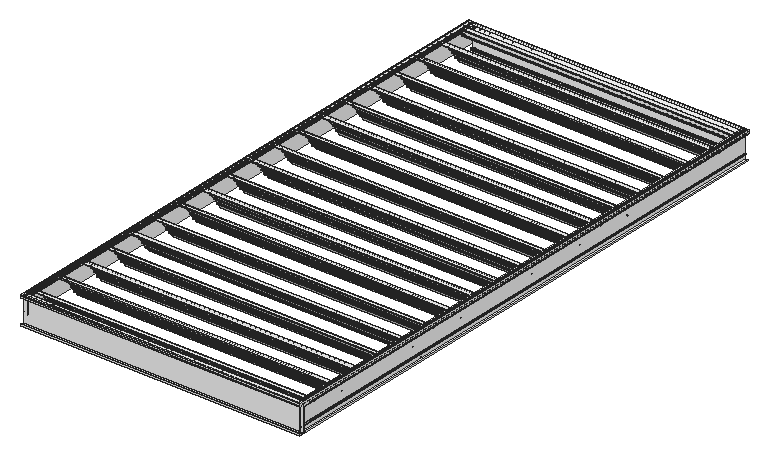
Revit family "All-Lite _EFJ-645_R17", category Mechanical Equipment, host Face, Revit 2017
Family settings
  Host = Face
  Round Connector Dimension = Use Diameter
  Part Type = Normal
  Cut with Voids When Loaded = No
  Shared = No
  Room Calculation Point = No
Parameters (values of type "60" x 120"")
  Width Control = if(Width < 4 1/2", 4 1/2", Width)  # 60"
  Width = 60"
  Wall Depth [instance] = 12"
  URL = "https://www.alllite.com/"
  Pressure Loss = ".18 in. wg"  # constant formula
  Screen = "1/2'' x 0.063'' expanded and flattened aluminum."  # constant formula
  Product URL = "https://www.alllite.com/media/resource/EFJ645.pdf"
  Revit Components [instance] = "www.commensestudio.com"
  Mullion = "Visible"  # constant formula
  Modeled By = "Commense Studio"  # constant formula
  Model = "EFJ-645"  # constant formula
  Maximum Size = "60'' x 120''"  # constant formula
  Louver Placement from Face [instance] = 1"
  Height Control = if(Height < 9 1/2", 9 1/2", Height)  # 120"
  Free Area Velocity = "1155 fpm"  # constant formula
  Design Load = "30 psf"  # constant formula
  Air Volume Delivered = "9359 cfm"  # constant formula
  Material = "Mill finish 6063-T5 extruded aluminum."  # constant formula
  Manufacturer = "Pottorff"  # constant formula
  Aluminum [instance] = Aluminum
  Blade Width = Width - 2"  # 58"
  Frame = "6'' deep x 0.081'' thick channel."  # constant formula
  Description = "The EFJ-645 extruded aluminum louver is designed for intake\r\nand exhaust application where protection against water\r\ninfiltration is not critical. The EFJ-645 is well suited for special\r\nshape applications and is available with hidden mullions for a\r\ncontinuous blade appearance of multiple section assemblies.\r\nThe EFJ-645 is available in a wide array of anodized and\r\npainted finishes including custom color matching."  # constant formula
  Height = 120"
  Depth = 6"  # constant formula
  Default Elevation = 0"
  Minimum Size = "4.5'' x 9.5'"  # constant formula
  Blades = "45° x 0.081'' thick J- style."  # constant formula
  Assembly Code = "B3020300"
  Array Control 2 = if(Array Control 1 < 2, 2, Array Control 1)  # 18
  Array Control 1 = (Height - 10 3/4") / 6 1/8"  # 18
Types (2): name | Width Control | Width | URL | Product URL | Height Control | Blade Width | Height | Array Control 2 | Array Control 1
  60" x 120" | 60" | 60" | "https://www.alllite.com/" | "https://www.alllite.com/media/resource/EFJ645.pdf" | 120" | 58" | 120" | 18 | 18
  36" x 48" | 36" | 36" | "https://www.pottorff.com/" | "" | 48" | 34" | 48" | 6 | 6
Reference planes (in)
  plane 1 "Center (Front/Back)": y = 0
  plane 2: z = 0
  plane 3 "Center (Left/Right)": x = 0
  plane 4 "L": x = -30
  plane 5 "R": x = 30
  plane 6 "B": y = 60
  plane 7 "F": y = -60
  plane 8 "Framing Sweeps": z = -1
  plane 9: x = -29
  plane 10: x = 29
  plane 11 "blade": z = -1.081
  plane 12: y = -57.75
  plane 13: y = 56.7965
  plane 14: y = 50.75
  plane 15: z = -7
  plane 16: z = -12
Forms (in)
  Sweep 1, solid, material "Aluminum" <- "Aluminum"
    path origin (0, 0, -1) x (-1, 0, 0) y (0, -1, 0)
      loop
        line (30, 60) -> (-30, 60)
    profile origin (0, -60, -1) x (0, 1, 0) y (0, 0, 1)
      loop
        line (0.984, -5.919) -> (0.984, 0) -> (0, 0) -> (0, -0.206) -> (0.065, -0.206)
        arc (0.065, -0.206) -> (0.07568, -0.17511) -> (0.10563, -0.162) r 0.04076
        line (0.10563, -0.162) -> (0.181, -0.162) -> (0.181, -0.081) -> (0.309, -0.081) -> (0.309, -0.162) -> (0.4005, -0.162) -> (0.4005, -0.305) -> (0, -0.305) -> (0, -0.5625) -> (0.081, -0.5625) -> (0.081, -0.386) -> (0.4815, -0.386) -> (0.4815, -0.081) -> (0.903, -0.081) -> (0.903, -5.919) -> (0.081, -5.919) -> (0.081, -5.6875) -> (0, -5.6875) -> (0, -6) -> (3.984, -6) -> (3.984, -5.919) -> (0.984, -5.919)
  Sweep 2, solid, material "Aluminum" <- "Aluminum"
    path origin (0, 0, -1) x (-1, 0, 0) y (0, -1, 0)
      loop
        line (29, -60) -> (-29, -60)
    profile origin (0, 60, -1) x (0, 1, 0) y (0, 0, 1)
      loop
        line (0, -6) -> (0, -0.213) -> (-0.401, -0.213) -> (-0.401, -0.07) -> (-0.09873, -0.07)
        arc (-0.09873, -0.07) -> (-0.08447, -0.07703) -> (-0.08138, -0.09263) r 0.01796
        arc (-0.08138, -0.09263) -> (-0.07846, -0.10736) -> (-0.065, -0.114) r 0.01697
        line (-0.065, -0.114) -> (0, -0.114) -> (0, 0) -> (-0.99667, 0) -> (-1.696, -0.69933) -> (-1.63872, -0.7566) -> (-0.96312, -0.081) -> (-0.482, -0.081) -> (-0.482, -0.294) -> (-0.081, -0.294) -> (-0.081, -0.812) -> (-0.29327, -0.812)
        arc (-0.29327, -0.812) -> (-0.33377, -0.8525) -> (-0.29327, -0.893) r 0.0405
        line (-0.29327, -0.893) -> (-0.1249, -0.893)
        arc (-0.1249, -0.893) -> (-0.0809, -0.937) -> (-0.1249, -0.981) r 0.044
        line (-0.1249, -0.981) -> (-0.59685, -0.981)
        arc (-0.59685, -0.981) -> (-0.56224, -0.94639) -> (-0.59685, -0.91177) r 0.03461
        line (-0.59685, -0.91177) -> (-0.90713, -0.91177)
        arc (-0.90713, -0.91177) -> (-0.92864, -0.90877) -> (-0.9485, -0.9) r 0.07856
        line (-0.9485, -0.9) -> (-3.1065, -0.9) -> (-3.1065, -0.081) -> (-2.2275, -0.081)
        arc (-2.2275, -0.081) -> (-2.187, -0.0405) -> (-2.2275, 0) r 0.0405
        line (-2.2275, 0) -> (-3.14844, 0)
        arc (-3.14844, 0) -> (-3.17606, -0.01144) -> (-3.1875, -0.03906) r 0.03906
        line (-3.1875, -0.03906) -> (-3.1875, -0.94378)
        arc (-3.1875, -0.94378) -> (-3.1766, -0.9701) -> (-3.15028, -0.981) r 0.03722
        line (-3.15028, -0.981) -> (-2.89238, -0.981)
        arc (-2.89238, -0.981) -> (-2.86453, -0.99253) -> (-2.853, -1.02038) r 0.03938
        line (-2.853, -1.02038) -> (-2.853, -1.13575)
        arc (-2.853, -1.13575) -> (-2.85952, -1.15736) -> (-2.87691, -1.17175) r 0.03906
        arc (-2.87691, -1.17175) -> (-2.97427, -1.2875) -> (-2.93733, -1.43417) r 0.166
        arc (-2.93733, -1.43417) -> (-2.88042, -1.43766) -> (-2.87642, -1.38078) r 0.0405
        arc (-2.87642, -1.38078) -> (-2.8125, -1.23975) -> (-2.74858, -1.38078) r 0.085
        arc (-2.74858, -1.38078) -> (-2.74482, -1.43793) -> (-2.68767, -1.43417) r 0.0405
        arc (-2.68767, -1.43417) -> (-2.65073, -1.2875) -> (-2.74809, -1.17175) r 0.166
        arc (-2.74809, -1.17175) -> (-2.76548, -1.15736) -> (-2.772, -1.13575) r 0.03906
        line (-2.772, -1.13575) -> (-2.772, -1.01598)
        arc (-2.772, -1.01598) -> (-2.76176, -0.99124) -> (-2.73702, -0.981) r 0.03498
        line (-2.73702, -0.981) -> (-1.89304, -0.981)
        arc (-1.89304, -0.981) -> (-1.86473, -0.99273) -> (-1.853, -1.02104) r 0.04004
        line (-1.853, -1.02104) -> (-1.853, -1.12468)
        arc (-1.853, -1.12468) -> (-1.8616, -1.15456) -> (-1.88475, -1.1753) r 0.05622
        arc (-1.88475, -1.1753) -> (-1.97518, -1.29171) -> (-1.93733, -1.43417) r 0.166
        arc (-1.93733, -1.43417) -> (-1.88042, -1.43766) -> (-1.87642, -1.38078) r 0.0405
        arc (-1.87642, -1.38078) -> (-1.8125, -1.23975) -> (-1.74858, -1.38078) r 0.085
        arc (-1.74858, -1.38078) -> (-1.74458, -1.43766) -> (-1.68767, -1.43417) r 0.0405
        arc (-1.68767, -1.43417) -> (-1.65054, -1.28834) -> (-1.74651, -1.17243) r 0.166
        arc (-1.74651, -1.17243) -> (-1.76506, -1.15683) -> (-1.772, -1.13361) r 0.04231
        line (-1.772, -1.13361) -> (-1.772, -1.02489)
        arc (-1.772, -1.02489) -> (-1.75914, -0.99386) -> (-1.7281, -0.981) r 0.04389
        line (-1.7281, -0.981) -> (-0.831, -0.981) -> (-0.831, -1.062) -> (-0.55649, -1.062)
        arc (-0.55649, -1.062) -> (-0.52821, -1.07371) -> (-0.5165, -1.10199) r 0.03999
        line (-0.5165, -1.10199) -> (-0.5165, -1.17239)
        arc (-0.5165, -1.17239) -> (-0.52274, -1.19295) -> (-0.53936, -1.20657) r 0.03697
        arc (-0.53936, -1.20657) -> (-0.63762, -1.32211) -> (-0.60095, -1.46928) r 0.166
        arc (-0.60095, -1.46928) -> (-0.5438, -1.47311) -> (-0.53998, -1.41596) r 0.0405
        arc (-0.53998, -1.41596) -> (-0.476, -1.275) -> (-0.41202, -1.41596) r 0.085
        arc (-0.41202, -1.41596) -> (-0.4082, -1.47311) -> (-0.35105, -1.46928) r 0.0405
        arc (-0.35105, -1.46928) -> (-0.31411, -1.32328) -> (-0.41042, -1.2075) r 0.166
        arc (-0.41042, -1.2075) -> (-0.42867, -1.19222) -> (-0.4355, -1.16942) r 0.04145
        line (-0.4355, -1.16942) -> (-0.4355, -1.10206)
        arc (-0.4355, -1.10206) -> (-0.42377, -1.07373) -> (-0.39544, -1.062) r 0.04006
        line (-0.39544, -1.062) -> (-0.12312, -1.062)
        arc (-0.12312, -1.062) -> (-0.09334, -1.07434) -> (-0.081, -1.10412) r 0.04212
        line (-0.081, -1.10412) -> (-0.081, -4.85985)
        arc (-0.081, -4.85985) -> (-0.09223, -4.88696) -> (-0.11934, -4.89819) r 0.03834
        line (-0.11934, -4.89819) -> (-0.28768, -4.89819)
        arc (-0.28768, -4.89819) -> (-0.30878, -4.8918) -> (-0.32279, -4.87479) r 0.03804
        arc (-0.32279, -4.87479) -> (-0.43839, -4.77701) -> (-0.58528, -4.81374) r 0.166
        arc (-0.58528, -4.81374) -> (-0.58911, -4.87089) -> (-0.53196, -4.87471) r 0.0405
        arc (-0.53196, -4.87471) -> (-0.391, -4.93869) -> (-0.53196, -5.00267) r 0.085
        arc (-0.53196, -5.00267) -> (-0.58911, -5.00649) -> (-0.58528, -5.06364) r 0.0405
        arc (-0.58528, -5.06364) -> (-0.43875, -5.10046) -> (-0.32307, -5.00326) r 0.166
        arc (-0.32307, -5.00326) -> (-0.30856, -4.98575) -> (-0.28679, -4.97919) r 0.03939
        line (-0.28679, -4.97919) -> (-0.12037, -4.97919)
        arc (-0.12037, -4.97919) -> (-0.09253, -4.99072) -> (-0.081, -5.01856) r 0.03937
        line (-0.081, -5.01856) -> (-0.081, -5.88124)
        arc (-0.081, -5.88124) -> (-0.09206, -5.90794) -> (-0.11876, -5.919) r 0.03776
        line (-0.11876, -5.919) -> (-0.75, -5.919) -> (-0.75, -6) -> (0, -6)
  Sweep 3, solid, material "Aluminum" <- "Aluminum"
    path origin (0, 0, -1) x (-1, 0, 0) y (0, -1, 0)
      loop
        line (30, -60) -> (30, 59.016)
    profile "Profile - Vertical Frame 1 : Profile - Vertical Frame 1" origin (-30, 0.492, -1) x (1, 0, 0) y (0, 0, 1)
      loop
        line (1, 0) -> (0, 0) -> (0, -0.206) -> (0.065, -0.206) -> (0.065, -0.162) -> (0.181, -0.162) -> (0.181, -0.081) -> (0.309, -0.081) -> (0.309, -0.162) -> (0.4005, -0.162) -> (0.4005, -0.305) -> (0, -0.305) -> (0, -0.84828)
        arc (0, -0.84828) -> (0.06849, -0.99401) -> (0.21422, -1.0625) r 0.23736
        line (0.21422, -1.0625) -> (0.30841, -1.0625)
        arc (0.30841, -1.0625) -> (0.3319, -1.06867) -> (0.34933, -1.08559) r 0.04781
        arc (0.34933, -1.08559) -> (0.40799, -1.09729) -> (0.41433, -1.03782) r 0.0405
        arc (0.41433, -1.03782) -> (0.478, -0.8965) -> (0.54167, -1.03782) r 0.085
        arc (0.54167, -1.03782) -> (0.54984, -1.09855) -> (0.60875, -1.08168) r 0.0405
        arc (0.60875, -1.08168) -> (0.62096, -1.0677) -> (0.63877, -1.0625) r 0.03309
        line (0.63877, -1.0625) -> (0.794, -1.0625) -> (0.794, -2.759)
        arc (0.794, -2.759) -> (0.78434, -2.77772) -> (0.76349, -2.7807) r 0.02297
        arc (0.76349, -2.7807) -> (0.67685, -2.77464) -> (0.59901, -2.81317) r 0.166
        arc (0.59901, -2.81317) -> (0.59551, -2.87033) -> (0.65268, -2.87383) r 0.0405
        arc (0.65268, -2.87383) -> (0.794, -2.9375) -> (0.65268, -3.00117) r 0.085
        arc (0.65268, -3.00117) -> (0.59551, -3.00467) -> (0.59901, -3.06183) r 0.0405
        arc (0.59901, -3.06183) -> (0.67478, -3.09993) -> (0.75947, -3.09564) r 0.166
        arc (0.75947, -3.09564) -> (0.78314, -3.09948) -> (0.794, -3.12086) r 0.02648
        line (0.794, -3.12086) -> (0.794, -3.919) -> (0.081, -3.919) -> (0.081, -3.728)
        arc (0.081, -3.728) -> (0.0405, -3.6875) -> (0, -3.728) r 0.0405
        line (0, -3.728) -> (0, -4) -> (0.875, -4) -> (0.875, -0.9815) -> (0.66593, -0.9815)
        arc (0.66593, -0.9815) -> (0.65045, -0.97564) -> (0.64273, -0.96101) r 0.02338
        arc (0.64273, -0.96101) -> (0.47961, -0.81551) -> (0.3137, -0.95782) r 0.166
        arc (0.3137, -0.95782) -> (0.30444, -0.97476) -> (0.28636, -0.9815) r 0.02762
        line (0.28636, -0.9815) -> (0.23632, -0.9815)
        arc (0.23632, -0.9815) -> (0.12649, -0.93601) -> (0.081, -0.82618) r 0.15532
        line (0.081, -0.82618) -> (0.081, -0.386) -> (0.4815, -0.386) -> (0.4815, -0.081) -> (0.794, -0.081) -> (0.794, -0.21761)
        arc (0.794, -0.21761) -> (0.8345, -0.25811) -> (0.875, -0.21761) r 0.0405
        line (0.875, -0.21761) -> (0.875, -0.081) -> (1, -0.081) -> (1, 0)
  Sweep 4, solid, material "Aluminum" <- "Aluminum"
    path origin (0, 0, -1) x (-1, 0, 0) y (0, -1, 0)
      loop
        line (-30, -60) -> (-30, 59.016)
    profile "Profile - Vertical Frame 1 : 6" Depth" origin (30, 0.492, -1) x (1, 0, 0) y (0, 0, 1)
      loop
        line (-1, 0) -> (-1, -0.081) -> (-0.875, -0.081) -> (-0.875, -0.21761)
        arc (-0.875, -0.21761) -> (-0.8345, -0.25811) -> (-0.794, -0.21761) r 0.0405
        line (-0.794, -0.21761) -> (-0.794, -0.081) -> (-0.4815, -0.081) -> (-0.4815, -0.386) -> (-0.081, -0.386) -> (-0.081, -0.82618)
        arc (-0.081, -0.82618) -> (-0.12649, -0.93601) -> (-0.23632, -0.9815) r 0.15532
        line (-0.23632, -0.9815) -> (-0.28636, -0.9815)
        arc (-0.28636, -0.9815) -> (-0.30444, -0.97476) -> (-0.3137, -0.95782) r 0.02762
        arc (-0.3137, -0.95782) -> (-0.47961, -0.81551) -> (-0.64273, -0.96101) r 0.166
        arc (-0.64273, -0.96101) -> (-0.65045, -0.97564) -> (-0.66593, -0.9815) r 0.02338
        line (-0.66593, -0.9815) -> (-0.875, -0.9815) -> (-0.875, -6) -> (0, -6) -> (0, -5.728)
        arc (0, -5.728) -> (-0.0405, -5.6875) -> (-0.081, -5.728) r 0.0405
        line (-0.081, -5.728) -> (-0.081, -5.919) -> (-0.794, -5.919) -> (-0.794, -5.12086)
        arc (-0.794, -5.12086) -> (-0.78314, -5.09948) -> (-0.75947, -5.09564) r 0.02648
        arc (-0.75947, -5.09564) -> (-0.67478, -5.09993) -> (-0.59901, -5.06183) r 0.166
        arc (-0.59901, -5.06183) -> (-0.59551, -5.00467) -> (-0.65268, -5.00117) r 0.0405
        arc (-0.65268, -5.00117) -> (-0.794, -4.9375) -> (-0.65268, -4.87383) r 0.085
        arc (-0.65268, -4.87383) -> (-0.59551, -4.87033) -> (-0.59901, -4.81317) r 0.0405
        arc (-0.59901, -4.81317) -> (-0.67685, -4.77464) -> (-0.76349, -4.7807) r 0.166
        arc (-0.76349, -4.7807) -> (-0.78434, -4.77772) -> (-0.794, -4.759) r 0.02297
        line (-0.794, -4.759) -> (-0.794, -1.0625) -> (-0.63877, -1.0625)
        arc (-0.63877, -1.0625) -> (-0.62096, -1.0677) -> (-0.60875, -1.08168) r 0.03309
        arc (-0.60875, -1.08168) -> (-0.54984, -1.09855) -> (-0.54167, -1.03782) r 0.0405
        arc (-0.54167, -1.03782) -> (-0.478, -0.8965) -> (-0.41433, -1.03782) r 0.085
        arc (-0.41433, -1.03782) -> (-0.40799, -1.09729) -> (-0.34933, -1.08559) r 0.0405
        arc (-0.34933, -1.08559) -> (-0.3319, -1.06867) -> (-0.30841, -1.0625) r 0.04781
        line (-0.30841, -1.0625) -> (-0.21422, -1.0625)
        arc (-0.21422, -1.0625) -> (-0.06849, -0.99401) -> (0, -0.84828) r 0.23736
        line (0, -0.84828) -> (0, -0.305) -> (-0.4005, -0.305) -> (-0.4005, -0.162) -> (-0.309, -0.162) -> (-0.309, -0.081) -> (-0.181, -0.081) -> (-0.181, -0.162) -> (-0.065, -0.162) -> (-0.065, -0.206) -> (0, -0.206) -> (0, 0) -> (-1, 0)
  Extrusion 5, void
    sketch origin (10.61611, 0, 0) x (0, 0, 1) y (0, -1, 0)
      loop
        line (0, 60) -> (-12, 60) -> (-12, -60) -> (0, -60) -> (0, 60)
    from -40.61611 to 19.38389
Cuts and joins
  joined: Sweep 1, Sweep 3, Sweep 4
Lines and regions (in)
  symbolic lines
    curve 1: line (-30, 60, -1) -> (30, 60, -1)
    curve 2: line (-30, -60, -1) -> (-30, 60, -1)
    curve 3: line (30, -60, -1) -> (-30, -60, -1)
    curve 4: line (30, 60, -1) -> (30, -60, -1)
    curve 5: line (-29.5, 59.5, -1) -> (29.5, 59.5, -1)
    curve 6: line (29.5, 59.5, -1) -> (29.5, -59.5, -1)
    curve 7: line (29.5, -59.5, -1) -> (-29.5, -59.5, -1)
    curve 8: line (-29.5, -59.5, -1) -> (-29.5, 59.5, -1)
Dimensions and locks (in)
  equal spacing: plane 4 "L", plane 3 "Center (Left/Right)", plane 5 "R"
  "Width Control": plane 4 "L" to plane 5 "R"
  equal spacing: plane 7 "F", plane 1 "Center (Front/Back)", plane 6 "B"
  "Height Control": plane 7 "F" to plane 6 "B"
  "Louver Placement from Face": level to plane 8 "Framing Sweeps"
  plane 4 "L" to plane 9 = 1"
  plane 10 to plane 5 "R" = 1"
  locked: plane 7 "F" to plane 12 at 2.25
  locked: plane 13 to plane 6 "B" at 3.2035
  equal spacing: group 1, group 3, group 4, group 5, group 6, group 7, group 8, group 9, group 10, group 11, group 12, group 13, group 14, group 15, group 16, group 17, group 18, group 2  (x3)
  locked: plane 8 "Framing Sweeps" to plane 11 "blade" at 0.081
  "Wall Depth": level to plane 16
  "Depth": plane 8 "Framing Sweeps" to plane 15
  locked: plane 14 to plane 6 "B" at 9.25
  aligned and locked: plane 2 to host face
  aligned and locked: level to host face
  aligned and locked: plane 11 "blade" to nested 1
  aligned and locked: plane 12 to nested 1
  aligned and locked: plane 14 to nested 2
  aligned and locked: plane 6 "B" to Sweep 2 sketch curve
  aligned and locked: Sweep 4 sketch curve to plane 5 "R"
  aligned and locked: plane 9 to Sweep 2 sketch curve
  aligned and locked: Sweep 2 sketch curve to plane 10
  aligned and locked: plane 11 "blade" to nested 2
  aligned and locked: plane 16 to host face
  aligned and locked: plane 16 to Extrusion 5
  aligned and locked: plane 7 "F" to Extrusion 5
  aligned and locked: Extrusion 5 to plane 4 "L"
  aligned and locked: Extrusion 5 to plane 5 "R"
Automatic sketch dimensions
  host sketch curve to host sketch curve = 96"
  host sketch curve to host sketch curve = 158.30898"
  curve 1 to plane 5 "R" = 0"
  curve 2 to plane 4 "L" = 0"
  plane 6 "B" to curve 1 = 0"
  plane 7 "F" to curve 3 = 0"
  curve 7 to plane 5 "R" = 1/2"
  plane 4 "L" to curve 7 = 1/2"
  plane 6 "B" to curve 5 = 1/2"
  curve 8 to plane 7 "F" = 1/2"
  Sweep 4 sketch curve to plane 6 "B" = 0"
  Sweep 4 sketch curve to plane 7 "F" = 0.984"
  Sweep 3 sketch curve to plane 4 "L" = 0"
  Sweep 3 sketch curve to plane 6 "B" = 0"
  Sweep 3 sketch curve to plane 7 "F" = 0.984"
  Sweep 1 sketch curve to plane 5 "R" = 0"
  Sweep 1 sketch curve to plane 4 "L" = 0"
  plane 7 "F" to Sweep 1 sketch curve = 0"
  Extrusion 5 sketch curve to level = 0"
  Extrusion 5 sketch curve to plane 6 "B" = 0"
  Extrusion 5 sketch curve to plane 11 "blade" = 10.919"
  Extrusion 5 sketch curve to plane 14 = 110 3/4"
  Sweep 1 sketch curve to profile plane = 0"  (x3)
  Sweep 1 sketch curve to plane 8 "Framing Sweeps" = 0"
  Sweep 1 sketch curve to Sweep 1 sketch curve = 0.065"
  Sweep 1 sketch curve to Sweep 1 sketch curve = 0.081"  (x7)
  Sweep 1 sketch curve to profile plane = 0.081"
  Sweep 1 sketch curve to Sweep 1 sketch curve = 0.04063"
  Sweep 1 sketch curve to Sweep 1 sketch curve = 0.07537"
  Sweep 1 sketch curve to Sweep 1 sketch curve = 0.128"
  Sweep 1 sketch curve to Sweep 1 sketch curve = 0.0915"
  Sweep 1 sketch curve to Sweep 1 sketch curve = 0.822"
  Sweep 1 sketch curve to Sweep 1 sketch curve = 3"
  Sweep 1 sketch curve to plane 8 "Framing Sweeps" = 0.081"  (x2)
  Sweep 1 sketch curve to Sweep 1 sketch curve = 0.04076"
  Sweep 1 sketch curve to Sweep 1 sketch curve = 0.099"
  Sweep 1 sketch curve to Sweep 1 sketch curve = 0.1765"
  Sweep 1 sketch curve to Sweep 1 sketch curve = 5 1/8"
  Sweep 1 sketch curve to Sweep 1 sketch curve = 0.2315"
  Sweep 1 sketch curve to Sweep 1 sketch curve = 0"
  Sweep 2 sketch curve to Sweep 2 sketch curve = 0"  (x30)
  Sweep 2 sketch curve to profile plane = 0"  (x2)
  profile plane to Sweep 2 sketch curve = 0.065"
  profile plane to Sweep 2 sketch curve = 0.081"  (x3)
  Sweep 2 sketch curve to Sweep 2 sketch curve = 0.03373"
  Sweep 2 sketch curve to Sweep 2 sketch curve = 0.03776"
  Sweep 2 sketch curve to Sweep 2 sketch curve = 0.03834"
  Sweep 2 sketch curve to Sweep 2 sketch curve = 0.03937"  (x2)
  Sweep 2 sketch curve to Sweep 2 sketch curve = 0.04212"
  profile plane to Sweep 2 sketch curve = 0.1249"
  Sweep 2 sketch curve to Sweep 2 sketch curve = 0.16642"
  Sweep 2 sketch curve to Sweep 2 sketch curve = 0.00089"
  Sweep 2 sketch curve to Sweep 2 sketch curve = 0.16837"
  profile plane to Sweep 2 sketch curve = 0.38153"
  Sweep 2 sketch curve to Sweep 2 sketch curve = 0.01251"
  Sweep 2 sketch curve to Sweep 2 sketch curve = 0.00139"
  Sweep 2 sketch curve to Sweep 2 sketch curve = 0.30227"
  Sweep 2 sketch curve to Sweep 2 sketch curve = 0.04145"
  Sweep 2 sketch curve to Sweep 2 sketch curve = 0.18832"
  Sweep 2 sketch curve to Sweep 2 sketch curve = 0.09447"  (x4)
  Sweep 2 sketch curve to Sweep 2 sketch curve = 0.081"  (x8)
  Sweep 2 sketch curve to Sweep 2 sketch curve = 0.03697"
  Sweep 2 sketch curve to Sweep 2 sketch curve = 0.03999"
  Sweep 2 sketch curve to Sweep 2 sketch curve = 0.08262"  (x4)
  Sweep 2 sketch curve to Sweep 2 sketch curve = 0.04036"
  Sweep 2 sketch curve to Sweep 2 sketch curve = 0.63124"
  Sweep 2 sketch curve to Sweep 2 sketch curve = 0.23415"
  Sweep 2 sketch curve to Sweep 2 sketch curve = 0.07613"
  Sweep 2 sketch curve to Sweep 2 sketch curve = 0.04136"
  Sweep 2 sketch curve to plane 8 "Framing Sweeps" = 0.081"  (x2)
  Sweep 2 sketch curve to Sweep 2 sketch curve = 0.48112"
  plane 8 "Framing Sweeps" to Sweep 2 sketch curve = 0"  (x2)
  Sweep 2 sketch curve to Sweep 2 sketch curve = 0.03355"
  Sweep 2 sketch curve to plane 8 "Framing Sweeps" = 0.7566"
  Sweep 2 sketch curve to Sweep 2 sketch curve = 0.69022"
  Sweep 2 sketch curve to plane 8 "Framing Sweeps" = 0.69933"
  Sweep 2 sketch curve to Sweep 2 sketch curve = 0.05728"
  Sweep 2 sketch curve to Sweep 2 sketch curve = 0.07916"
  Sweep 2 sketch curve to Sweep 2 sketch curve = 0.08938"
  Sweep 2 sketch curve to Sweep 2 sketch curve = 0.00159"
  Sweep 2 sketch curve to Sweep 2 sketch curve = 0.04231"
  Sweep 2 sketch curve to Sweep 2 sketch curve = 0.09462"  (x3)
  Sweep 2 sketch curve to Sweep 2 sketch curve = 0.04004"
  Sweep 2 sketch curve to Sweep 2 sketch curve = 0.05622"
  Sweep 2 sketch curve to Sweep 2 sketch curve = 0.5315"
  Sweep 2 sketch curve to Sweep 2 sketch curve = 0.81101"
  Sweep 2 sketch curve to Sweep 2 sketch curve = 0.01481"
  Sweep 2 sketch curve to Sweep 2 sketch curve = 0.00408"
  Sweep 2 sketch curve to Sweep 2 sketch curve = 0.03498"
  Sweep 2 sketch curve to Sweep 2 sketch curve = 0.09438"
  Sweep 2 sketch curve to Sweep 2 sketch curve = 5/128"
  Sweep 2 sketch curve to Sweep 2 sketch curve = 0.03938"
  Sweep 2 sketch curve to Sweep 2 sketch curve = 0.879"
  Sweep 2 sketch curve to Sweep 2 sketch curve = 0.04194"
  Sweep 2 sketch curve to Sweep 2 sketch curve = 0.04378"  (x2)
  Sweep 2 sketch curve to Sweep 2 sketch curve = 0.03722"
  Sweep 2 sketch curve to plane 8 "Framing Sweeps" = 0.812"
  Sweep 2 sketch curve to Sweep 2 sketch curve = 0.02122"
  Sweep 2 sketch curve to Sweep 2 sketch curve = 0.0405"
  Sweep 2 sketch curve to Sweep 2 sketch curve = 0.819"
  Sweep 2 sketch curve to Sweep 2 sketch curve = 0.044"
  Sweep 2 sketch curve to Sweep 2 sketch curve = 0.2244"
  Sweep 2 sketch curve to Sweep 2 sketch curve = 0.06923"
  Sweep 2 sketch curve to Sweep 2 sketch curve = 0.10364"
  Sweep 2 sketch curve to Sweep 2 sketch curve = 0.10871"
  Sweep 2 sketch curve to Sweep 2 sketch curve = 0.11537"
  Sweep 2 sketch curve to Sweep 2 sketch curve = 0.06736"
  Sweep 2 sketch curve to Sweep 2 sketch curve = 0.0704"
  Sweep 2 sketch curve to Sweep 2 sketch curve = 0.19114"
  Sweep 2 sketch curve to Sweep 2 sketch curve = 0.189"
  Sweep 2 sketch curve to Sweep 2 sketch curve = 0.18761"
  Sweep 2 sketch curve to Sweep 2 sketch curve = 0.08245"  (x3)
  Sweep 2 sketch curve to Sweep 2 sketch curve = 0.08272"
  Sweep 2 sketch curve to Sweep 2 sketch curve = 3.4016"
  Sweep 2 sketch curve to Sweep 2 sketch curve = 1/64"
  Sweep 2 sketch curve to Sweep 2 sketch curve = 0.03804"
  Sweep 2 sketch curve to Sweep 2 sketch curve = 0.03939"
  Sweep 2 sketch curve to Sweep 2 sketch curve = 0.86269"
  Sweep 2 sketch curve to Sweep 2 sketch curve = 0.11876"
  Sweep 2 sketch curve to Sweep 2 sketch curve = 0.213"
  Sweep 2 sketch curve to Sweep 2 sketch curve = 0.099"
  Sweep 2 sketch curve to Sweep 2 sketch curve = 0.01697"
  Sweep 2 sketch curve to Sweep 2 sketch curve = 0.00907"
  Sweep 2 sketch curve to plane 8 "Framing Sweeps" = 0.07"
  Sweep 2 sketch curve to Sweep 2 sketch curve = 0.03049"
  Sweep 2 sketch curve to Sweep 2 sketch curve = 0.02666"
  Sweep 2 sketch curve to Sweep 2 sketch curve = 0.03022"
  Sweep 2 sketch curve to Sweep 2 sketch curve = 0.0307"  (x3)
  Sweep 2 sketch curve to Sweep 2 sketch curve = 0.03046"
Nested families (in)
  nested 1: "Blade_J-Style_45 deg" at (0, -57.75, -1.081), type "Blade_J-Style_45 deg"
  nested 2: "Blade_J-Style_45 deg" at (0, 50.75, -1.081), type "Blade_J-Style_45 deg"
  nested 3: "Blade_J-Style_45 deg" at (0, -51.36765, -1.081), type "Blade_J-Style_45 deg"
  nested 4: "Blade_J-Style_45 deg" at (0, -44.98529, -1.081), type "Blade_J-Style_45 deg"
  nested 5: "Blade_J-Style_45 deg" at (0, -38.60294, -1.081), type "Blade_J-Style_45 deg"
  nested 6: "Blade_J-Style_45 deg" at (0, -32.22059, -1.081), type "Blade_J-Style_45 deg"
  nested 7: "Blade_J-Style_45 deg" at (0, -25.83824, -1.081), type "Blade_J-Style_45 deg"
  nested 8: "Blade_J-Style_45 deg" at (0, -19.45588, -1.081), type "Blade_J-Style_45 deg"
  nested 9: "Blade_J-Style_45 deg" at (0, -13.07353, -1.081), type "Blade_J-Style_45 deg"
  nested 10: "Blade_J-Style_45 deg" at (0, -6.69118, -1.081), type "Blade_J-Style_45 deg"
  nested 11: "Blade_J-Style_45 deg" at (0, -0.30882, -1.081), type "Blade_J-Style_45 deg"
  nested 12: "Blade_J-Style_45 deg" at (0, 6.07353, -1.081), type "Blade_J-Style_45 deg"
  nested 13: "Blade_J-Style_45 deg" at (0, 12.45588, -1.081), type "Blade_J-Style_45 deg"
  nested 14: "Blade_J-Style_45 deg" at (0, 18.83824, -1.081), type "Blade_J-Style_45 deg"
  nested 15: "Blade_J-Style_45 deg" at (0, 25.22059, -1.081), type "Blade_J-Style_45 deg"
  nested 16: "Blade_J-Style_45 deg" at (0, 31.60294, -1.081), type "Blade_J-Style_45 deg"
  nested 17: "Blade_J-Style_45 deg" at (0, 37.98529, -1.081), type "Blade_J-Style_45 deg"
  nested 18: "Blade_J-Style_45 deg" at (0, 44.36765, -1.081), type "Blade_J-Style_45 deg"
Connectors (in)
  hvac at (0, 0, -1), driven by "Height", driven by "Width"
    settings: index 1, duct flow 0 CFM, flow factor 0, pres drop 0.00 in-wg, loss coef 0, conn angle 0.00°, conn width 60", conn height 120", conn diameter 24", duct sys type 1, conn prof type 1, flow config 0, flow direction 0, loss method 0, conn ref index -1, conn util no, is conn primary yes, conn desc ""
Definition of nested family "Blade_J-Style_45 deg"
  Parameters (values of type "Blade_J-Style_45 deg")
    W = 58"
    Louver = none
    Blade = none
    Assembly Code = ""
  Reference planes (in)
    plane 1 "Center (Front/Back)": y = 0
    plane 2: z = 0
    plane 3 "Center (Left/Right)": x = 0
    plane 4: x = -29
    plane 5: x = 29
    plane 6: z = 0
    plane 7: y = 6.125
  Forms (in)
    Sweep 1, solid, material <- "Blade"
      path origin (0, 0, 0) x (1, 0, 0) y (0, 0, -1)
        loop
          line (-29, 0) -> (29, 0)
      profile origin (0, 0, 0) x (0, 0, -1) y (0, 1, 0)
        loop
          line (0.081, 0.0405) -> (0.081, 0.96645) -> (1.15297, 2.03842)
          arc (1.15297, 2.03842) -> (1.1905, 2.04929) -> (1.21976, 2.02338) r 0.0405
          arc (1.21976, 2.02338) -> (1.27933, 1.94448) -> (1.37332, 1.91381) r 0.165
          arc (1.37332, 1.91381) -> (1.41381, 1.9534) -> (1.37422, 1.99388) r 0.04004
          arc (1.37422, 1.99388) -> (1.31301, 2.13903) -> (1.46092, 2.08484) r 0.08589
          arc (1.46092, 2.08484) -> (1.5027, 2.04772) -> (1.53982, 2.0895) r 0.03952
          arc (1.53982, 2.0895) -> (1.5083, 2.17673) -> (1.43439, 2.23277) r 0.16345
          arc (1.43439, 2.23277) -> (1.40716, 2.26438) -> (1.41896, 2.30441) r 0.04361
          line (1.41896, 2.30441) -> (1.90727, 2.79275)
          arc (1.90727, 2.79275) -> (1.94477, 2.80383) -> (1.97452, 2.77847) r 0.04103
          arc (1.97452, 2.77847) -> (2.07847, 2.69002) -> (2.20928, 2.72902) r 0.14303
          line (2.20928, 2.72902) -> (3.11776, 3.63753)
          arc (3.11776, 3.63753) -> (3.15379, 3.64901) -> (3.1839, 3.62611) r 0.041
          arc (3.1839, 3.62611) -> (3.24052, 3.55983) -> (3.32292, 3.53137) r 0.166
          arc (3.32292, 3.53137) -> (3.36603, 3.56908) -> (3.32833, 3.61219) r 0.0405
          arc (3.32833, 3.61219) -> (3.2739, 3.7571) -> (3.41881, 3.70267) r 0.085
          arc (3.41881, 3.70267) -> (3.46192, 3.66497) -> (3.49963, 3.70808) r 0.0405
          arc (3.49963, 3.70808) -> (3.49633, 3.73169) -> (3.48969, 3.75458) r 0.166
          arc (3.48969, 3.75458) -> (3.4888, 3.78035) -> (3.50347, 3.80155) r 0.041
          line (3.50347, 3.80155) -> (4.3652, 4.45091)
          arc (4.3652, 4.45091) -> (4.39993, 4.45802) -> (4.42722, 4.4354) r 0.041
          arc (4.42722, 4.4354) -> (4.47455, 4.37501) -> (4.54398, 4.34236) r 0.166
          arc (4.54398, 4.34236) -> (4.59192, 4.3737) -> (4.56058, 4.42164) r 0.0405
          arc (4.56058, 4.42164) -> (4.52685, 4.57272) -> (4.66277, 4.49865) r 0.085
          arc (4.66277, 4.49865) -> (4.70022, 4.45531) -> (4.74356, 4.49275) r 0.0405
          arc (4.74356, 4.49275) -> (4.73131, 4.56849) -> (4.68631, 4.63063) r 0.166
          arc (4.68631, 4.63063) -> (4.67208, 4.66304) -> (4.68839, 4.69445) r 0.041
          line (4.68839, 4.69445) -> (5.91, 5.615) -> (5.91, 6.1815)
          arc (5.91, 6.1815) -> (5.8475, 6.244) -> (5.785, 6.1815) r 0.0625
          line (5.785, 6.1815) -> (5.785, 5.62223) -> (3.53639, 3.92778)
          arc (3.53639, 3.92778) -> (3.50235, 3.92342) -> (3.48394, 3.95239) r 0.032
          line (3.48394, 3.95239) -> (3.48394, 4.041)
          arc (3.48394, 4.041) -> (3.46413, 4.07058) -> (3.42923, 4.06355) r 0.032
          line (3.42923, 4.06355) -> (2.15193, 2.78625)
          arc (2.15193, 2.78625) -> (2.08433, 2.7727) -> (2.046, 2.83) r 0.062
          line (2.046, 2.83) -> (2.046, 2.9687)
          arc (2.046, 2.9687) -> (2.02614, 2.99835) -> (1.99118, 2.99118) r 0.032
          line (1.99118, 2.99118) -> (0, 1) -> (0, 0.0405)
          arc (0, 0.0405) -> (0.0405, 0) -> (0.081, 0.0405) r 0.0405
  Dimensions and locks (in)
    plane 5 to plane 4 = 58"
    equal spacing: plane 4, plane 3 "Center (Left/Right)", plane 5
    "W": plane 4 to plane 5
    aligned and locked: plane 2 to level
  Automatic sketch dimensions
    Sweep 1 sketch curve to plane 4 = 0"
    Sweep 1 sketch curve to plane 5 = 0"
    level to Sweep 1 sketch curve = 0"
    Sweep 1 sketch curve to profile plane = 1.15297"
    Sweep 1 sketch curve to Sweep 1 sketch curve = 0.02864"  (x2)
    Sweep 1 sketch curve to Sweep 1 sketch curve = 0.19216"
    Sweep 1 sketch curve to Sweep 1 sketch curve = 0.0014"
    Sweep 1 sketch curve to Sweep 1 sketch curve = 0"  (x27)
    Sweep 1 sketch curve to Sweep 1 sketch curve = 0.00147"
    Sweep 1 sketch curve to Sweep 1 sketch curve = 0.04231"
    Sweep 1 sketch curve to Sweep 1 sketch curve = 0.03084"  (x2)
    Sweep 1 sketch curve to Sweep 1 sketch curve = 0.12372"
    profile plane to Sweep 1 sketch curve = 1.95384"
    Sweep 1 sketch curve to Sweep 1 sketch curve = 0.05594"
    Sweep 1 sketch curve to Sweep 1 sketch curve = 0.12495"
    Sweep 1 sketch curve to Sweep 1 sketch curve = 0.00098"
    Sweep 1 sketch curve to Sweep 1 sketch curve = 0.00009"
    Sweep 1 sketch curve to Sweep 1 sketch curve = 0.00731"
    Sweep 1 sketch curve to Sweep 1 sketch curve = 0.1864"
    Sweep 1 sketch curve to Sweep 1 sketch curve = 0.48835"
    profile plane to Sweep 1 sketch curve = 0"
    Sweep 1 sketch curve to Sweep 1 sketch curve = 0.03355"
    Sweep 1 sketch curve to Sweep 1 sketch curve = 0.57222"
    Sweep 1 sketch curve to Sweep 1 sketch curve = 0.02897"
    Sweep 1 sketch curve to Sweep 1 sketch curve = 0.02906"  (x2)
    Sweep 1 sketch curve to Sweep 1 sketch curve = 0.06629"
    Sweep 1 sketch curve to Sweep 1 sketch curve = 0.03828"
    Sweep 1 sketch curve to Sweep 1 sketch curve = 0.06196"
    Sweep 1 sketch curve to Sweep 1 sketch curve = 0.10132"
    Sweep 1 sketch curve to Sweep 1 sketch curve = 0.00002"  (x2)
    Sweep 1 sketch curve to Sweep 1 sketch curve = 0.1387"
    Sweep 1 sketch curve to Sweep 1 sketch curve = 0.00004"
    Sweep 1 sketch curve to Sweep 1 sketch curve = 0.04397"
    Sweep 1 sketch curve to Sweep 1 sketch curve = 0.04373"
    Sweep 1 sketch curve to Sweep 1 sketch curve = 1.43805"
    Sweep 1 sketch curve to Sweep 1 sketch curve = 1.07237"
    Sweep 1 sketch curve to Sweep 1 sketch curve = 0.31147"
    Sweep 1 sketch curve to Sweep 1 sketch curve = 0.42602"
    Sweep 1 sketch curve to Sweep 1 sketch curve = 0.02892"
    Sweep 1 sketch curve to Sweep 1 sketch curve = 0.03707"
    Sweep 1 sketch curve to Sweep 1 sketch curve = 0.1501"
    Sweep 1 sketch curve to Sweep 1 sketch curve = 0.01108"
    Sweep 1 sketch curve to Sweep 1 sketch curve = 0.0027"  (x2)
    Sweep 1 sketch curve to Sweep 1 sketch curve = 0.08481"
    Sweep 1 sketch curve to Sweep 1 sketch curve = 0.04041"  (x2)
    Sweep 1 sketch curve to Sweep 1 sketch curve = 0.00994"
    Sweep 1 sketch curve to Sweep 1 sketch curve = 0.03845"
    Sweep 1 sketch curve to Sweep 1 sketch curve = 0.02467"  (x2)
    Sweep 1 sketch curve to Sweep 1 sketch curve = 0.93597"
    Sweep 1 sketch curve to Sweep 1 sketch curve = 0.38736"
    Sweep 1 sketch curve to Sweep 1 sketch curve = 7/128"
    Sweep 1 sketch curve to Sweep 1 sketch curve = 0.032"  (x2)
    Sweep 1 sketch curve to Sweep 1 sketch curve = 0.11116"
    Sweep 1 sketch curve to Sweep 1 sketch curve = 0.02046"
    Sweep 1 sketch curve to Sweep 1 sketch curve = 0.02255"  (x2)
    Sweep 1 sketch curve to Sweep 1 sketch curve = 0.0227"
    Sweep 1 sketch curve to Sweep 1 sketch curve = 1.4198"
    Sweep 1 sketch curve to Sweep 1 sketch curve = 1.17132"
    Sweep 1 sketch curve to Sweep 1 sketch curve = 0.02478"
    Sweep 1 sketch curve to Sweep 1 sketch curve = 0.03266"
    Sweep 1 sketch curve to Sweep 1 sketch curve = 0.03724"
    Sweep 1 sketch curve to Sweep 1 sketch curve = 0.15078"
    Sweep 1 sketch curve to Sweep 1 sketch curve = 0.11676"
    Sweep 1 sketch curve to Sweep 1 sketch curve = 0.0083"  (x2)
    Sweep 1 sketch curve to Sweep 1 sketch curve = 0.08477"
    Sweep 1 sketch curve to Sweep 1 sketch curve = 0.04039"  (x2)
    Sweep 1 sketch curve to Sweep 1 sketch curve = 0.02353"
    Sweep 1 sketch curve to Sweep 1 sketch curve = 0.02675"
    Sweep 1 sketch curve to Sweep 1 sketch curve = 0.55927"
    Sweep 1 sketch curve to Sweep 1 sketch curve = 1/16"
    Sweep 1 sketch curve to Sweep 1 sketch curve = 0.00723"
    Sweep 1 sketch curve to Sweep 1 sketch curve = 0.03948"
    Sweep 1 sketch curve to Sweep 1 sketch curve = 0.00005"
    Sweep 1 sketch curve to Sweep 1 sketch curve = 0.02282"
    Sweep 1 sketch curve to profile plane = 0.081"
    profile plane to Sweep 1 sketch curve = 1"
    profile plane to Sweep 1 sketch curve = 0.0405"  (x2)
    Sweep 1 sketch curve to profile plane = 0.0405"
    Sweep 1 sketch curve to Sweep 1 sketch curve = 0.01422"
